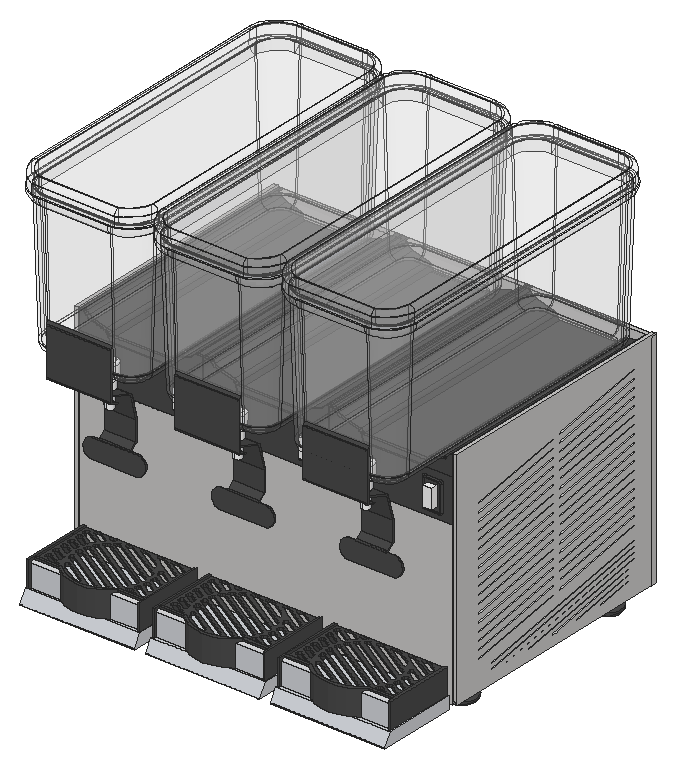
Revit family "QF_Vollrath-VBBD3-37T", category Specialty Equipment, Revit 2018 (continued)
Forms (in)
  Extrusion 47, solid, material "QF_Finishes-Black Plastic"
    sketch origin (7.0638, 0, 0) x (1, 0, 0) y (0, 1, 0)
      loop
        line (-2.79695, -3.78809) -> (-2.00078, -4.2751)
        arc (-2.00078, -4.2751) -> (-1.92526, -4.28682) -> (-1.86377, -4.24142) r 0.09931
        line (-1.86377, -4.24142) -> (-1.8143, -4.16136)
        arc (-1.8143, -4.16136) -> (-1.80095, -4.08604) -> (-1.84557, -4.0239) r 0.09843
        line (-1.84557, -4.0239) -> (-2.69423, -3.50479)
      loop
        arc (-2.69423, -6.15849) -> (-2.79372, -6.1566) -> (-2.84402, -6.24246) r 0.09843
        line (-2.84402, -6.24246) -> (-2.84402, -6.35783)
        arc (-2.84402, -6.35783) -> (-2.83145, -6.40596) -> (-2.79695, -6.4418) r 0.09843
        line (-2.79695, -6.4418) -> (-2.18491, -6.81617) -> (-1.91188, -6.81617)
        arc (-1.91188, -6.81617) -> (-1.85587, -6.7319) -> (-1.9031, -6.64241) r 0.09904
        line (-1.9031, -6.64241) -> (-2.69423, -6.15849)
      loop
        line (-2.39494, -3.50325) -> (-1.73202, -3.90876)
        arc (-1.73202, -3.90876) -> (-1.66637, -3.92218) -> (-1.60735, -3.89047) r 0.09841
        line (-1.60735, -3.89047) -> (-1.54093, -3.82001)
        arc (-1.54093, -3.82001) -> (-1.51481, -3.73924) -> (-1.5609, -3.66795) r 0.09896
        line (-1.5609, -3.66795) -> (-2.18752, -3.28465)
        arc (-2.18752, -3.28465) -> (-2.235, -3.26983) -> (-2.28367, -3.28012) r 0.09843
        line (-2.28367, -3.28012) -> (-2.38686, -3.33173)
        arc (-2.38686, -3.33173) -> (-2.44114, -3.41512) -> (-2.39494, -3.50325) r 0.09843
      loop
        arc (-1.47591, -3.32087) -> (-1.57065, -3.39261) -> (-1.52727, -3.50325) r 0.09843
        line (-1.52727, -3.50325) -> (-1.3826, -3.59175)
        arc (-1.3826, -3.59175) -> (-1.32707, -3.60613) -> (-1.27295, -3.58713) r 0.09847
        line (-1.27295, -3.58713) -> (-1.18803, -3.52827)
        arc (-1.18803, -3.52827) -> (-1.14526, -3.44427) -> (-1.19182, -3.36231) r 0.09944
        line (-1.19182, -3.36231) -> (-1.23593, -3.33533)
        arc (-1.23593, -3.33533) -> (-1.26061, -3.32455) -> (-1.28729, -3.32087) r 0.09843
        line (-1.28729, -3.32087) -> (-1.47591, -3.32087)
      loop
        arc (2.16593, -4.35471) -> (2.05008, -4.36433) -> (2.02423, -4.47767) r 0.09841
        line (2.02423, -4.47767) -> (2.08147, -4.62318)
        arc (2.08147, -4.62318) -> (2.09769, -4.65241) -> (2.12281, -4.67447) r 0.09781
        line (2.12281, -4.67447) -> (2.73454, -5.04866)
        arc (2.73454, -5.04866) -> (2.83403, -5.05055) -> (2.88433, -4.9647) r 0.09843
        line (2.88433, -4.9647) -> (2.88433, -4.84932)
        arc (2.88433, -4.84932) -> (2.87176, -4.80119) -> (2.83726, -4.76535) r 0.09843
        line (2.83726, -4.76535) -> (2.16593, -4.35471)
      loop
        arc (2.33855, -4.99104) -> (2.23397, -4.99219) -> (2.18943, -5.08682) r 0.09845
        line (2.18943, -5.08682) -> (2.20051, -5.20384)
        arc (2.20051, -5.20384) -> (2.21442, -5.2483) -> (2.24726, -5.28133) r 0.09819
        line (2.24726, -5.28133) -> (2.73454, -5.5794)
        arc (2.73454, -5.5794) -> (2.83403, -5.58129) -> (2.88433, -5.49544) r 0.09843
        line (2.88433, -5.49544) -> (2.88433, -5.38006)
        arc (2.88433, -5.38006) -> (2.87176, -5.33193) -> (2.83726, -5.29609) r 0.09843
        line (2.83726, -5.29609) -> (2.33855, -4.99104)
      loop
        arc (2.34021, -5.5228) -> (2.24688, -5.51781) -> (2.19158, -5.59315) r 0.09828
        line (2.19158, -5.59315) -> (2.17713, -5.69751)
        arc (2.17713, -5.69751) -> (2.18485, -5.75432) -> (2.22293, -5.79719) r 0.09843
        line (2.22293, -5.79719) -> (2.73454, -6.11014)
        arc (2.73454, -6.11014) -> (2.83403, -6.11203) -> (2.88433, -6.02618) r 0.09843
        line (2.88433, -6.02618) -> (2.88433, -5.9108)
        arc (2.88433, -5.9108) -> (2.87176, -5.86267) -> (2.83726, -5.82683) r 0.09843
        line (2.83726, -5.82683) -> (2.34021, -5.5228)
      loop
        arc (2.2366, -5.99016) -> (2.15157, -5.98163) -> (2.09192, -6.04283) r 0.09842
        line (2.09192, -6.04283) -> (2.05934, -6.13333)
        arc (2.05934, -6.13333) -> (2.05873, -6.20007) -> (2.09985, -6.25265) r 0.1011
        line (2.09985, -6.25265) -> (2.73454, -6.64088)
        arc (2.73454, -6.64088) -> (2.83403, -6.64277) -> (2.88433, -6.55692) r 0.09843
        line (2.88433, -6.55692) -> (2.88433, -6.44154)
        arc (2.88433, -6.44154) -> (2.87176, -6.39341) -> (2.83726, -6.35758) r 0.09843
        line (2.83726, -6.35758) -> (2.2366, -5.99016)
      loop
        arc (2.04906, -6.40618) -> (1.97544, -6.39427) -> (1.91458, -6.43738) r 0.09845
        line (1.91458, -6.43738) -> (1.86362, -6.52146)
        arc (1.86362, -6.52146) -> (1.85022, -6.5966) -> (1.89492, -6.65847) r 0.09775
        line (1.89492, -6.65847) -> (2.15566, -6.81617) -> (2.42228, -6.81617)
        arc (2.42228, -6.81617) -> (2.48182, -6.73326) -> (2.43526, -6.64241) r 0.09794
        line (2.43526, -6.64241) -> (2.04906, -6.40618)
    from 2.28346 to 2.40157
  Extrusion 48, solid, material "QF_Finishes-Stainless"
    sketch origin (14.16375, 0, 0) x (0, 1, 0) y (0, 0, -1)
      loop
        arc (10.7576, -0.80737) -> (10.73165, -0.74473) -> (10.66901, -0.71878) r 0.08858
        line (10.66901, -0.71878) -> (-3.18504, -0.71878)
        arc (-3.18504, -0.71878) -> (-3.24768, -0.74473) -> (-3.27362, -0.80737) r 0.08858
        line (-3.27362, -0.80737) -> (-3.27362, -13.35433) -> (10.7576, -13.35433) -> (10.7576, -0.80737)
      loop
        line (8.85098, -1.60553) -> (6.83124, -1.2494) -> (6.81928, -1.31723)
        arc (6.81928, -1.31723) -> (6.84907, -1.34077) -> (6.88486, -1.3534) r 0.11572
        line (6.88486, -1.3534) -> (8.76503, -1.68493)
        arc (8.76503, -1.68493) -> (8.80299, -1.6853) -> (8.83902, -1.67336) r 0.11572
        line (8.83902, -1.67336) -> (8.85098, -1.60553)
      loop
        line (8.85098, -1.90536) -> (5.13082, -1.2494) -> (5.11886, -1.31723)
        arc (5.11886, -1.31723) -> (5.14864, -1.34077) -> (5.18444, -1.3534) r 0.11572
        line (5.18444, -1.3534) -> (8.76503, -1.98476)
        arc (8.76503, -1.98476) -> (8.80299, -1.98513) -> (8.83902, -1.97319) r 0.11572
        line (8.83902, -1.97319) -> (8.85098, -1.90536)
      loop
        line (8.85098, -2.20519) -> (3.43039, -1.2494) -> (3.41843, -1.31723)
        arc (3.41843, -1.31723) -> (3.44822, -1.34077) -> (3.48402, -1.3534) r 0.11572
        line (3.48402, -1.3534) -> (8.76503, -2.28459)
        arc (8.76503, -2.28459) -> (8.80299, -2.28496) -> (8.83902, -2.27302) r 0.11572
        line (8.83902, -2.27302) -> (8.85098, -2.20519)
      loop
        line (9.32147, -2.58798) -> (1.72997, -1.2494) -> (1.71792, -1.31773)
        arc (1.71792, -1.31773) -> (1.7477, -1.34127) -> (1.7835, -1.3539) r 0.11572
        line (1.7835, -1.3539) -> (9.23542, -2.66788)
        arc (9.23542, -2.66788) -> (9.27338, -2.66825) -> (9.30942, -2.65631) r 0.11572
        line (9.30942, -2.65631) -> (9.32147, -2.58798)
      loop
        line (9.32147, -2.88782) -> (0.02955, -1.2494) -> (0.0175, -1.31773)
        arc (0.0175, -1.31773) -> (0.04728, -1.34127) -> (0.08308, -1.3539) r 0.11572
        line (0.08308, -1.3539) -> (9.23542, -2.96771)
        arc (9.23542, -2.96771) -> (9.27338, -2.96808) -> (9.30942, -2.95614) r 0.11572
        line (9.30942, -2.95614) -> (9.32147, -2.88782)
      loop
        line (9.32147, -3.18765) -> (-0.85632, -1.39303) -> (-0.86836, -1.46136)
        arc (-0.86836, -1.46136) -> (-0.83858, -1.4849) -> (-0.80278, -1.49753) r 0.11572
        line (-0.80278, -1.49753) -> (9.23542, -3.26754)
        arc (9.23542, -3.26754) -> (9.27338, -3.26791) -> (9.30942, -3.25598) r 0.11572
        line (9.30942, -3.25598) -> (9.32147, -3.18765)
      loop
        line (9.32147, -3.48748) -> (-0.85632, -1.69286) -> (-0.86836, -1.76119)
        arc (-0.86836, -1.76119) -> (-0.83858, -1.78473) -> (-0.80278, -1.79736) r 0.11572
        line (-0.80278, -1.79736) -> (9.23542, -3.56737)
        arc (9.23542, -3.56737) -> (9.27338, -3.56774) -> (9.30942, -3.55581) r 0.11572
        line (9.30942, -3.55581) -> (9.32147, -3.48748)
      loop
        line (9.32185, -4.22424) -> (3.9704, -3.28063) -> (3.94984, -3.39722)
        arc (3.94984, -3.39722) -> (3.97963, -3.42076) -> (4.01542, -3.4334) r 0.11572
        line (4.01542, -3.4334) -> (9.22729, -4.35239)
        arc (9.22729, -4.35239) -> (9.26526, -4.35276) -> (9.30129, -4.34083) r 0.11572
        line (9.30129, -4.34083) -> (9.32185, -4.22424)
      loop
        line (3.58682, -3.213) -> (-1.76463, -2.26939) -> (-1.78519, -2.38598)
        arc (-1.78519, -2.38598) -> (-1.75541, -2.40952) -> (-1.71961, -2.42215) r 0.11572
        line (-1.71961, -2.42215) -> (3.49226, -3.34115)
        arc (3.49226, -3.34115) -> (3.53022, -3.34152) -> (3.56626, -3.32958) r 0.11572
        line (3.56626, -3.32958) -> (3.58682, -3.213)
      loop
        line (9.32185, -4.68766) -> (3.9704, -3.74406) -> (3.94984, -3.86065)
        arc (3.94984, -3.86065) -> (3.97963, -3.88419) -> (4.01542, -3.89682) r 0.11572
        line (4.01542, -3.89682) -> (9.22729, -4.81581)
        arc (9.22729, -4.81581) -> (9.26526, -4.81619) -> (9.30129, -4.80425) r 0.11572
        line (9.30129, -4.80425) -> (9.32185, -4.68766)
      loop
        line (3.58682, -3.67642) -> (-1.76463, -2.73282) -> (-1.78519, -2.8494)
        arc (-1.78519, -2.8494) -> (-1.75541, -2.87294) -> (-1.71961, -2.88558) r 0.11572
        line (-1.71961, -2.88558) -> (3.49226, -3.80457)
        arc (3.49226, -3.80457) -> (3.53022, -3.80494) -> (3.56626, -3.79301) r 0.11572
        line (3.56626, -3.79301) -> (3.58682, -3.67642)
      loop
        line (9.32185, -5.15109) -> (3.9704, -4.20748) -> (3.94984, -4.32407)
        arc (3.94984, -4.32407) -> (3.97963, -4.34761) -> (4.01542, -4.36025) r 0.11572
        line (4.01542, -4.36025) -> (9.22729, -5.27924)
        arc (9.22729, -5.27924) -> (9.26526, -5.27961) -> (9.30129, -5.26768) r 0.11572
        line (9.30129, -5.26768) -> (9.32185, -5.15109)
      loop
        line (3.58682, -4.13985) -> (-1.76463, -3.19624) -> (-1.78519, -3.31283)
        arc (-1.78519, -3.31283) -> (-1.75541, -3.33637) -> (-1.71961, -3.34901) r 0.11572
        line (-1.71961, -3.34901) -> (3.49226, -4.268)
        arc (3.49226, -4.268) -> (3.53022, -4.26837) -> (3.56626, -4.25644) r 0.11572
        line (3.56626, -4.25644) -> (3.58682, -4.13985)
      loop
        line (9.32185, -5.61451) -> (3.9704, -4.67091) -> (3.94984, -4.7875)
        arc (3.94984, -4.7875) -> (3.97963, -4.81104) -> (4.01542, -4.82367) r 0.11572
        line (4.01542, -4.82367) -> (9.22729, -5.74267)
        arc (9.22729, -5.74267) -> (9.26526, -5.74304) -> (9.30129, -5.7311) r 0.11572
        line (9.30129, -5.7311) -> (9.32185, -5.61451)
      loop
        line (3.58682, -4.60327) -> (-1.76463, -3.65967) -> (-1.78519, -3.77626)
        arc (-1.78519, -3.77626) -> (-1.75541, -3.7998) -> (-1.71961, -3.81243) r 0.11572
        line (-1.71961, -3.81243) -> (3.49226, -4.73142)
        arc (3.49226, -4.73142) -> (3.53022, -4.73179) -> (3.56626, -4.71986) r 0.11572
        line (3.56626, -4.71986) -> (3.58682, -4.60327)
      loop
        line (9.32185, -6.07794) -> (3.9704, -5.13434) -> (3.94984, -5.25092)
        arc (3.94984, -5.25092) -> (3.97963, -5.27446) -> (4.01542, -5.2871) r 0.11572
        line (4.01542, -5.2871) -> (9.22729, -6.20609)
        arc (9.22729, -6.20609) -> (9.26526, -6.20646) -> (9.30129, -6.19453) r 0.11572
        line (9.30129, -6.19453) -> (9.32185, -6.07794)
      loop
        line (3.58682, -5.0667) -> (-1.76463, -4.12309) -> (-1.78519, -4.23968)
        arc (-1.78519, -4.23968) -> (-1.75541, -4.26322) -> (-1.71961, -4.27586) r 0.11572
        line (-1.71961, -4.27586) -> (3.49226, -5.19485)
        arc (3.49226, -5.19485) -> (3.53022, -5.19522) -> (3.56626, -5.18329) r 0.11572
        line (3.56626, -5.18329) -> (3.58682, -5.0667)
      loop
        line (9.32185, -6.54137) -> (3.9704, -5.59776) -> (3.94984, -5.71435)
        arc (3.94984, -5.71435) -> (3.97963, -5.73789) -> (4.01542, -5.75052) r 0.11572
        line (4.01542, -5.75052) -> (9.22729, -6.66952)
        arc (9.22729, -6.66952) -> (9.26526, -6.66989) -> (9.30129, -6.65795) r 0.11572
        line (9.30129, -6.65795) -> (9.32185, -6.54137)
      loop
        line (3.58682, -5.53012) -> (-1.76463, -4.58652) -> (-1.78519, -4.70311)
        arc (-1.78519, -4.70311) -> (-1.75541, -4.72665) -> (-1.71961, -4.73928) r 0.11572
        line (-1.71961, -4.73928) -> (3.49226, -5.65827)
        arc (3.49226, -5.65827) -> (3.53022, -5.65864) -> (3.56626, -5.64671) r 0.11572
        line (3.56626, -5.64671) -> (3.58682, -5.53012)
      loop
        line (9.32185, -7.00479) -> (3.9704, -6.06119) -> (3.94984, -6.17777)
        arc (3.94984, -6.17777) -> (3.97963, -6.20131) -> (4.01542, -6.21395) r 0.11572
        line (4.01542, -6.21395) -> (9.22729, -7.13294)
        arc (9.22729, -7.13294) -> (9.26526, -7.13331) -> (9.30129, -7.12138) r 0.11572
        line (9.30129, -7.12138) -> (9.32185, -7.00479)
      loop
        line (3.58682, -5.99355) -> (-1.76463, -5.04994) -> (-1.78519, -5.16653)
        arc (-1.78519, -5.16653) -> (-1.75541, -5.19007) -> (-1.71961, -5.20271) r 0.11572
        line (-1.71961, -5.20271) -> (3.49226, -6.1217)
        arc (3.49226, -6.1217) -> (3.53022, -6.12207) -> (3.56626, -6.11014) r 0.11572
        line (3.56626, -6.11014) -> (3.58682, -5.99355)
      loop
        line (9.32185, -7.46822) -> (3.9704, -6.52461) -> (3.94984, -6.6412)
        arc (3.94984, -6.6412) -> (3.97963, -6.66474) -> (4.01542, -6.67737) r 0.11572
        line (4.01542, -6.67737) -> (9.22729, -7.59637)
        arc (9.22729, -7.59637) -> (9.26526, -7.59674) -> (9.30129, -7.5848) r 0.11572
        line (9.30129, -7.5848) -> (9.32185, -7.46822)
      loop
        line (3.58682, -6.45697) -> (-1.76463, -5.51337) -> (-1.78519, -5.62996)
        arc (-1.78519, -5.62996) -> (-1.75541, -5.6535) -> (-1.71961, -5.66613) r 0.11572
        line (-1.71961, -5.66613) -> (3.49226, -6.58512)
        arc (3.49226, -6.58512) -> (3.53022, -6.5855) -> (3.56626, -6.57356) r 0.11572
        line (3.56626, -6.57356) -> (3.58682, -6.45697)
      loop
        line (9.32185, -7.93164) -> (3.9704, -6.98804) -> (3.94984, -7.10462)
        arc (3.94984, -7.10462) -> (3.97963, -7.12816) -> (4.01542, -7.1408) r 0.11572
        line (4.01542, -7.1408) -> (9.22729, -8.05979)
        arc (9.22729, -8.05979) -> (9.26526, -8.06016) -> (9.30129, -8.04823) r 0.11572
        line (9.30129, -8.04823) -> (9.32185, -7.93164)
      loop
        line (3.58682, -6.9204) -> (-1.76463, -5.97679) -> (-1.78519, -6.09338)
        arc (-1.78519, -6.09338) -> (-1.75541, -6.11692) -> (-1.71961, -6.12956) r 0.11572
        line (-1.71961, -6.12956) -> (3.49226, -7.04855)
        arc (3.49226, -7.04855) -> (3.53022, -7.04892) -> (3.56626, -7.03699) r 0.11572
        line (3.56626, -7.03699) -> (3.58682, -6.9204)
      loop
        line (9.32185, -8.39507) -> (3.9704, -7.45146) -> (3.94984, -7.56805)
        arc (3.94984, -7.56805) -> (3.97963, -7.59159) -> (4.01542, -7.60422) r 0.11572
        line (4.01542, -7.60422) -> (9.22729, -8.52322)
        arc (9.22729, -8.52322) -> (9.26526, -8.52359) -> (9.30129, -8.51165) r 0.11572
        line (9.30129, -8.51165) -> (9.32185, -8.39507)
      loop
        line (3.58682, -7.38382) -> (-1.76463, -6.44022) -> (-1.78519, -6.55681)
        arc (-1.78519, -6.55681) -> (-1.75541, -6.58035) -> (-1.71961, -6.59298) r 0.11572
        line (-1.71961, -6.59298) -> (3.49226, -7.51198)
        arc (3.49226, -7.51198) -> (3.53022, -7.51235) -> (3.56626, -7.50041) r 0.11572
        line (3.56626, -7.50041) -> (3.58682, -7.38382)
      loop
        line (9.32185, -8.85849) -> (3.9704, -7.91489) -> (3.94984, -8.03147)
        arc (3.94984, -8.03147) -> (3.97963, -8.05501) -> (4.01542, -8.06765) r 0.11572
        line (4.01542, -8.06765) -> (9.22729, -8.98664)
        arc (9.22729, -8.98664) -> (9.26526, -8.98701) -> (9.30129, -8.97508) r 0.11572
        line (9.30129, -8.97508) -> (9.32185, -8.85849)
      loop
        line (3.58682, -7.84725) -> (-1.76463, -6.90364) -> (-1.78519, -7.02023)
        arc (-1.78519, -7.02023) -> (-1.75541, -7.04377) -> (-1.71961, -7.05641) r 0.11572
        line (-1.71961, -7.05641) -> (3.49226, -7.9754)
        arc (3.49226, -7.9754) -> (3.53022, -7.97577) -> (3.56626, -7.96384) r 0.11572
        line (3.56626, -7.96384) -> (3.58682, -7.84725)
      loop
        line (9.32185, -9.32192) -> (3.9704, -8.37831) -> (3.94984, -8.4949)
        arc (3.94984, -8.4949) -> (3.97963, -8.51844) -> (4.01542, -8.53107) r 0.11572
        line (4.01542, -8.53107) -> (9.22729, -9.45007)
        arc (9.22729, -9.45007) -> (9.26526, -9.45044) -> (9.30129, -9.4385) r 0.11572
        line (9.30129, -9.4385) -> (9.32185, -9.32192)
      loop
        line (3.58682, -8.31068) -> (-1.76463, -7.36707) -> (-1.78519, -7.48366)
        arc (-1.78519, -7.48366) -> (-1.75541, -7.5072) -> (-1.71961, -7.51983) r 0.11572
        line (-1.71961, -7.51983) -> (3.49226, -8.43883)
        arc (3.49226, -8.43883) -> (3.53022, -8.4392) -> (3.56626, -8.42726) r 0.11572
        line (3.56626, -8.42726) -> (3.58682, -8.31068)
      loop
        line (9.32185, -9.78534) -> (3.9704, -8.84174) -> (3.94984, -8.95832)
        arc (3.94984, -8.95832) -> (3.97963, -8.98186) -> (4.01542, -8.9945) r 0.11572
        line (4.01542, -8.9945) -> (9.22729, -9.91349)
        arc (9.22729, -9.91349) -> (9.26526, -9.91386) -> (9.30129, -9.90193) r 0.11572
        line (9.30129, -9.90193) -> (9.32185, -9.78534)
      loop
        line (3.58682, -8.7741) -> (-1.76463, -7.8305) -> (-1.78519, -7.94708)
        arc (-1.78519, -7.94708) -> (-1.75541, -7.97062) -> (-1.71961, -7.98326) r 0.11572
        line (-1.71961, -7.98326) -> (3.49226, -8.90225)
        arc (3.49226, -8.90225) -> (3.53022, -8.90262) -> (3.56626, -8.89069) r 0.11572
        line (3.56626, -8.89069) -> (3.58682, -8.7741)
      loop
        line (9.32185, -10.24877) -> (3.9704, -9.30516) -> (3.94984, -9.42175)
        arc (3.94984, -9.42175) -> (3.97963, -9.44529) -> (4.01542, -9.45792) r 0.11572
        line (4.01542, -9.45792) -> (9.22729, -10.37692)
        arc (9.22729, -10.37692) -> (9.26526, -10.37729) -> (9.30129, -10.36535) r 0.11572
        line (9.30129, -10.36535) -> (9.32185, -10.24877)
      loop
        line (3.58682, -9.23753) -> (-1.76463, -8.29392) -> (-1.78519, -8.41051)
        arc (-1.78519, -8.41051) -> (-1.75541, -8.43405) -> (-1.71961, -8.44668) r 0.11572
        line (-1.71961, -8.44668) -> (3.49226, -9.36568)
        arc (3.49226, -9.36568) -> (3.53022, -9.36605) -> (3.56626, -9.35411) r 0.11572
        line (3.56626, -9.35411) -> (3.58682, -9.23753)
      loop
        line (9.32185, -10.71219) -> (3.9704, -9.76859) -> (3.94984, -9.88517)
        arc (3.94984, -9.88517) -> (3.97963, -9.90871) -> (4.01542, -9.92135) r 0.11572
        line (4.01542, -9.92135) -> (9.22729, -10.84034)
        arc (9.22729, -10.84034) -> (9.26526, -10.84071) -> (9.30129, -10.82878) r 0.11572
        line (9.30129, -10.82878) -> (9.32185, -10.71219)
      loop
        line (3.58682, -9.70095) -> (-1.76463, -8.75735) -> (-1.78519, -8.87393)
        arc (-1.78519, -8.87393) -> (-1.75541, -8.89747) -> (-1.71961, -8.91011) r 0.11572
        line (-1.71961, -8.91011) -> (3.49226, -9.8291)
        arc (3.49226, -9.8291) -> (3.53022, -9.82947) -> (3.56626, -9.81754) r 0.11572
        line (3.56626, -9.81754) -> (3.58682, -9.70095)
      loop
        line (9.32185, -11.17562) -> (3.9704, -10.23201) -> (3.94984, -10.3486)
        arc (3.94984, -10.3486) -> (3.97963, -10.37214) -> (4.01542, -10.38477) r 0.11572
        line (4.01542, -10.38477) -> (9.22729, -11.30377)
        arc (9.22729, -11.30377) -> (9.26526, -11.30414) -> (9.30129, -11.2922) r 0.11572
        line (9.30129, -11.2922) -> (9.32185, -11.17562)
      loop
        line (3.58682, -10.16438) -> (-1.76463, -9.22077) -> (-1.78519, -9.33736)
        arc (-1.78519, -9.33736) -> (-1.75541, -9.3609) -> (-1.71961, -9.37353) r 0.11572
        line (-1.71961, -9.37353) -> (3.49226, -10.29253)
        arc (3.49226, -10.29253) -> (3.53022, -10.2929) -> (3.56626, -10.28096) r 0.11572
        line (3.56626, -10.28096) -> (3.58682, -10.16438)
      loop
        line (9.32185, -11.63904) -> (3.9704, -10.69544) -> (3.94984, -10.81202)
        arc (3.94984, -10.81202) -> (3.97963, -10.83556) -> (4.01542, -10.8482) r 0.11572
        line (4.01542, -10.8482) -> (9.22729, -11.76719)
        arc (9.22729, -11.76719) -> (9.26526, -11.76756) -> (9.30129, -11.75563) r 0.11572
        line (9.30129, -11.75563) -> (9.32185, -11.63904)
      loop
        line (3.58682, -10.6278) -> (-1.76463, -9.6842) -> (-1.78519, -9.80078)
        arc (-1.78519, -9.80078) -> (-1.75541, -9.82432) -> (-1.71961, -9.83696) r 0.11572
        line (-1.71961, -9.83696) -> (3.49226, -10.75595)
        arc (3.49226, -10.75595) -> (3.53022, -10.75632) -> (3.56626, -10.74439) r 0.11572
        line (3.56626, -10.74439) -> (3.58682, -10.6278)
      loop
        line (9.32185, -12.10307) -> (3.9704, -11.15947) -> (3.94984, -11.27605)
        arc (3.94984, -11.27605) -> (3.97963, -11.29959) -> (4.01542, -11.31223) r 0.11572
        line (4.01542, -11.31223) -> (9.22729, -12.23122)
        arc (9.22729, -12.23122) -> (9.26526, -12.23159) -> (9.30129, -12.21966) r 0.11572
        line (9.30129, -12.21966) -> (9.32185, -12.10307)
      loop
        line (3.58682, -11.09183) -> (-1.76463, -10.14822) -> (-1.78519, -10.26481)
        arc (-1.78519, -10.26481) -> (-1.75541, -10.28835) -> (-1.71961, -10.30099) r 0.11572
        line (-1.71961, -10.30099) -> (3.49226, -11.21998)
        arc (3.49226, -11.21998) -> (3.53022, -11.22035) -> (3.56626, -11.20842) r 0.11572
        line (3.56626, -11.20842) -> (3.58682, -11.09183)
    from -3.6675 to -3.46457
  Extrusion 49, solid
    sketch origin (7.06271, 0, 0) x (0, 1, 0) y (0, 0, 1)
      loop
        arc (-6.9626, 2.40157) -> (-7.08882, 2.37471) -> (-7.18008, 2.28346) r 0.22732
        line (-7.18008, 2.28346) -> (-7.18008, 1.03543) -> (-6.9626, 1.03543) -> (-6.9626, 2.40157)
    from -3.05071 to -1.36292
  Sweep 50, solid, material "QF_Finishes-Black Plastic"
    path origin (0.00669, 0, 0) x (1, 0, 0) y (0, 0, 1)
      loop
        arc (-2.90354, 10.17079) -> (-2.88625, 10.12903) -> (-2.84449, 10.11173) r 0.05906
        line (-2.84449, 10.11173) -> (-1.99803, 10.11173)
        arc (-1.99803, 10.11173) -> (-1.95627, 10.12903) -> (-1.93898, 10.17079) r 0.05906
        line (-1.93898, 10.17079) -> (-1.93898, 11.63929)
        arc (-1.93898, 11.63929) -> (-1.95627, 11.68105) -> (-1.99803, 11.69835) r 0.05906
        line (-1.99803, 11.69835) -> (-2.84449, 11.69835)
        arc (-2.84449, 11.69835) -> (-2.88625, 11.68105) -> (-2.90354, 11.63929) r 0.05906
        line (-2.90354, 11.63929) -> (-2.90354, 10.17079)
    profile origin (-2.89685, 0, 10.90504) x (-1, 0, 0) y (0, -1, 0)
      loop
        arc (0.09489, 3.27803) -> (0.04169, 3.30166) -> (0.01972, 3.35557) r 0.0779
        arc (0.01972, 3.35557) -> (0.01127, 3.3726) -> (-0.00738, 3.37633) r 0.02157
        line (-0.00738, 3.37633) -> (-0.00738, 3.27803) -> (0.09489, 3.27803)
  Extrusion 51, solid, material "QF_Finishes-White Rubber"
    sketch origin (0.00669, 0, 0) x (1, 0, 0) y (0, 0, 1)
      loop
        line (-2.66535, 10.3637) -> (-2.17717, 10.3637) -> (-2.17717, 11.44638) -> (-2.66535, 11.44638) -> (-2.66535, 10.3637)
    from 3.27362 to 3.65598
  Extrusion 52, solid, material "QF_Finishes-Black Plastic"
    sketch origin (14.12542, 0, 0) x (1, 0, 0) y (0, 1, 0)
      loop
        line (3.18945, -3.12402) -> (-3.14914, -3.12402) -> (-3.14914, -7.27756) -> (-3.05071, -7.27756) -> (-3.05071, -6.9626) -> (-1.68325, -6.9626)
        arc (-1.68325, -6.9626) -> (-1.65302, -6.96863) -> (-1.62741, -6.98581) r 0.07879
        arc (-1.62741, -6.98581) -> (0.01907, -7.67007) -> (1.66554, -6.98581) r 2.323
        arc (1.66554, -6.98581) -> (1.69232, -6.96862) -> (1.72357, -6.9626) r 0.08414
        line (1.72357, -6.9626) -> (3.09102, -6.9626) -> (3.09102, -7.27756) -> (3.18945, -7.27756) -> (3.18945, -3.12402)
      loop
        line (-3.05071, -3.19488) -> (-3.05071, -6.8248) -> (-1.68325, -6.8248)
        arc (-1.68325, -6.8248) -> (-1.60014, -6.84139) -> (-1.52977, -6.88862) r 0.21647
        arc (-1.52977, -6.88862) -> (0.02, -7.53304) -> (1.56978, -6.88862) r 2.18576
        arc (1.56978, -6.88862) -> (1.64015, -6.84139) -> (1.72326, -6.8248) r 0.21647
        line (1.72326, -6.8248) -> (3.09102, -6.8248) -> (3.09102, -3.19488) -> (-3.05071, -3.19488)
    from 1.03543 to 2.48031
  Extrusion 53, solid
    sketch origin (14.12542, 0, 0) x (0, 1, 0) y (0, 0, 1)
      loop
        line (-3.27362, 1.03543) -> (-7.3563, 1.03543) -> (-7.75, 0.3937) -> (-7.75, 0.35433) -> (-3.27362, 0.35433) -> (-3.27362, 1.03543)
    from -3.17717 to 3.27868
  Extrusion 54, solid
    sketch origin (14.12542, 0, 0) x (0, 1, 0) y (0, 0, -1)
      loop
        line (-6.9626, -2.40157) -> (-6.9626, -1.03543) -> (-7.18008, -1.03543) -> (-7.18008, -2.28346)
        arc (-7.18008, -2.28346) -> (-7.08882, -2.37471) -> (-6.9626, -2.40157) r 0.22732
    from -3.09102 to -1.40314
  Extrusion 55, solid, material "QF_Finishes-Black Plastic"
    sketch origin (14.12651, 0, 0) x (1, 0, 0) y (0, 1, 0)
      loop
        line (-3.05071, -6.8248) -> (-1.68325, -6.8248)
        arc (-1.68325, -6.8248) -> (-1.60014, -6.84139) -> (-1.52977, -6.88862) r 0.21647
        arc (-1.52977, -6.88862) -> (0.02, -7.53304) -> (1.56978, -6.88862) r 2.18576
        arc (1.56978, -6.88862) -> (1.64015, -6.84139) -> (1.72326, -6.8248) r 0.21647
        line (1.72326, -6.8248) -> (3.09102, -6.8248) -> (3.09102, -3.19488) -> (-3.05071, -3.19488) -> (-3.05071, -6.8248)
      loop
        line (1.99999, -5.31469) -> (-0.85274, -3.56972)
        arc (-0.85274, -3.56972) -> (-0.90143, -3.55568) -> (-0.95047, -3.56848) r 0.09564
        line (-0.95047, -3.56848) -> (-1.05079, -3.62641)
        arc (-1.05079, -3.62641) -> (-1.09797, -3.71056) -> (-1.05079, -3.79471) r 0.09865
        line (-1.05079, -3.79471) -> (1.89113, -5.59424)
        arc (1.89113, -5.59424) -> (1.98696, -5.59808) -> (2.04057, -5.51856) r 0.09843
        line (2.04057, -5.51856) -> (2.04706, -5.40253)
        arc (2.04706, -5.40253) -> (2.03544, -5.35223) -> (1.99999, -5.31469) r 0.09857
      loop
        line (1.92869, -5.80182) -> (-1.25519, -3.85429)
        arc (-1.25519, -3.85429) -> (-1.31546, -3.84407) -> (-1.37003, -3.87162) r 0.09782
        line (-1.37003, -3.87162) -> (-1.44371, -3.9453)
        arc (-1.44371, -3.9453) -> (-1.47148, -4.02385) -> (-1.42783, -4.09482) r 0.09665
        line (-1.42783, -4.09482) -> (1.79158, -6.06408)
        arc (1.79158, -6.06408) -> (1.8762, -6.07294) -> (1.93593, -6.01235) r 0.09812
        line (1.93593, -6.01235) -> (1.96819, -5.91075)
        arc (1.96819, -5.91075) -> (1.96695, -5.84957) -> (1.92869, -5.80182) r 0.09507
      loop
        line (1.74837, -6.22226) -> (-1.54753, -4.20621)
        arc (-1.54753, -4.20621) -> (-1.61887, -4.19636) -> (-1.67693, -4.23897) r 0.09584
        line (-1.67693, -4.23897) -> (-1.73108, -4.32679)
        arc (-1.73108, -4.32679) -> (-1.743, -4.39877) -> (-1.70104, -4.45845) r 0.09631
        line (-1.70104, -4.45845) -> (1.59739, -6.47604)
        arc (1.59739, -6.47604) -> (1.66914, -6.48577) -> (1.72723, -6.44255) r 0.09587
        line (1.72723, -6.44255) -> (1.78078, -6.35401)
        arc (1.78078, -6.35401) -> (1.79129, -6.28157) -> (1.74837, -6.22226) r 0.09741
      loop
        line (1.48132, -6.58966) -> (-1.74811, -4.61427)
        arc (-1.74811, -4.61427) -> (-1.83177, -4.60731) -> (-1.88979, -4.66798) r 0.09744
        line (-1.88979, -4.66798) -> (-1.92257, -4.76761)
        arc (-1.92257, -4.76761) -> (-1.92194, -4.82904) -> (-1.88395, -4.87732) r 0.0953
        line (-1.88395, -4.87732) -> (1.30511, -6.82801)
        arc (1.30511, -6.82801) -> (1.36581, -6.8405) -> (1.42146, -6.81321) r 0.09579
        line (1.42146, -6.81321) -> (1.49519, -6.73948)
        arc (1.49519, -6.73948) -> (1.52341, -6.66132) -> (1.48132, -6.58966) r 0.09779
      loop
        line (1.10757, -6.89177) -> (-1.84914, -5.0832)
        arc (-1.84914, -5.0832) -> (-1.94458, -5.07917) -> (-1.99846, -5.15805) r 0.0984
        line (-1.99846, -5.15805) -> (-2.00593, -5.27264)
        arc (-2.00593, -5.27264) -> (-1.99506, -5.32396) -> (-1.95906, -5.3621) r 0.09696
        line (-1.95906, -5.3621) -> (0.91264, -7.11867)
        arc (0.91264, -7.11867) -> (0.96072, -7.13194) -> (1.0088, -7.11867) r 0.09375
        line (1.0088, -7.11867) -> (1.10757, -7.05966)
        arc (1.10757, -7.05966) -> (1.15463, -6.97572) -> (1.10757, -6.89177) r 0.0984
      loop
        line (0.60863, -7.11732) -> (-1.82264, -5.63015)
        arc (-1.82264, -5.63015) -> (-1.92999, -5.63329) -> (-1.97033, -5.73281) r 0.09825
        line (-1.97033, -5.73281) -> (-1.93774, -5.87396)
        arc (-1.93774, -5.87396) -> (-1.92175, -5.90738) -> (-1.89442, -5.93238) r 0.09714
        line (-1.89442, -5.93238) -> (0.37225, -7.31886)
        arc (0.37225, -7.31886) -> (0.40695, -7.33252) -> (0.44421, -7.33107) r 0.09073
        line (0.44421, -7.33107) -> (0.58467, -7.29582)
        arc (0.58467, -7.29582) -> (0.65482, -7.21438) -> (0.60863, -7.11732) r 0.09843
      loop
        line (-0.15644, -7.18008) -> (-1.53008, -6.33984)
        arc (-1.53008, -6.33984) -> (-1.65245, -6.35562) -> (-1.66332, -6.47852) r 0.09845
        line (-1.66332, -6.47852) -> (-1.474, -6.72028) -> (-0.52036, -7.30361) -> (-0.21942, -7.36177)
        arc (-0.21942, -7.36177) -> (-0.1148, -7.29628) -> (-0.15644, -7.18008) r 0.09842
      loop
        line (1.92796, -4.73989) -> (-0.30697, -3.37282)
        arc (-0.30697, -3.37282) -> (-0.34079, -3.3598) -> (-0.37704, -3.35963) r 0.10043
        line (-0.37704, -3.35963) -> (-0.52004, -3.39377)
        arc (-0.52004, -3.39377) -> (-0.59167, -3.47506) -> (-0.54547, -3.57306) r 0.09865
        line (-0.54547, -3.57306) -> (1.85831, -5.04342)
        arc (1.85831, -5.04342) -> (1.96624, -5.03999) -> (2.00606, -4.93962) r 0.09842
        line (2.00606, -4.93962) -> (1.97137, -4.79716)
        arc (1.97137, -4.79716) -> (1.95507, -4.76442) -> (1.92796, -4.73989) r 0.09857
      loop
        line (1.46531, -3.92615) -> (0.62845, -3.41426)
        arc (0.62845, -3.41426) -> (0.46776, -3.37153) -> (0.30428, -3.34114) r 2.18615
        arc (0.30428, -3.34114) -> (0.19761, -3.4051) -> (0.23921, -3.5223) r 0.09818
        line (0.23921, -3.5223) -> (1.54679, -4.32213)
        arc (1.54679, -4.32213) -> (1.66978, -4.30502) -> (1.67799, -4.18113) r 0.09835
        arc (1.67799, -4.18113) -> (1.57664, -4.04948) -> (1.46531, -3.92615) r 2.12561
      loop
        line (2.83911, -4.23574) -> (1.36588, -3.33459)
        arc (1.36588, -3.33459) -> (1.34175, -3.32427) -> (1.31572, -3.32087) r 0.09593
        arc (1.31572, -3.32087) -> (1.27881, -3.321) -> (1.2419, -3.32087) r 5.03614
        arc (1.2419, -3.32087) -> (1.14687, -3.39171) -> (1.18925, -3.5024) r 0.0982
        arc (1.18925, -3.5024) -> (1.38493, -3.6409) -> (1.56306, -3.80134) r 2.04444
        line (1.56306, -3.80134) -> (2.73642, -4.51906)
        arc (2.73642, -4.51906) -> (2.8353, -4.51983) -> (2.88433, -4.43395) r 0.09782
        arc (2.88433, -4.43395) -> (2.88401, -4.37627) -> (2.88433, -4.31858) r 5.14481
        arc (2.88433, -4.31858) -> (2.87254, -4.27125) -> (2.83911, -4.23574) r 0.0965
      loop
        line (2.83639, -3.70334) -> (2.23231, -3.33383)
        arc (2.23231, -3.33383) -> (2.21027, -3.32439) -> (2.18655, -3.32087) r 0.09339
        line (2.18655, -3.32087) -> (1.99477, -3.32087)
        arc (1.99477, -3.32087) -> (1.89988, -3.39257) -> (1.94341, -3.50325) r 0.09837
        line (1.94341, -3.50325) -> (2.73528, -3.98763)
        arc (2.73528, -3.98763) -> (2.83413, -3.98931) -> (2.88433, -3.90415) r 0.09818
        arc (2.88433, -3.90415) -> (2.88448, -3.84599) -> (2.88433, -3.78784) r 11.3571
        arc (2.88433, -3.78784) -> (2.87139, -3.73933) -> (2.83639, -3.70334) r 0.09933
      loop
        arc (-2.69423, -5.62775) -> (-2.79372, -5.62586) -> (-2.84402, -5.71171) r 0.09843
        line (-2.84402, -5.71171) -> (-2.84402, -5.82709)
        arc (-2.84402, -5.82709) -> (-2.83145, -5.87522) -> (-2.79695, -5.91106) r 0.09843
        line (-2.79695, -5.91106) -> (-2.13741, -6.31449)
        arc (-2.13741, -6.31449) -> (-2.02317, -6.30683) -> (-1.99384, -6.19615) r 0.09819
        line (-1.99384, -6.19615) -> (-2.04986, -6.04886)
        arc (-2.04986, -6.04886) -> (-2.066, -6.01898) -> (-2.09144, -5.99647) r 0.09728
        line (-2.09144, -5.99647) -> (-2.69423, -5.62775)
      loop
        arc (-2.69423, -5.09701) -> (-2.79372, -5.09512) -> (-2.84402, -5.18097) r 0.09843
        line (-2.84402, -5.18097) -> (-2.84402, -5.29635)
        arc (-2.84402, -5.29635) -> (-2.83145, -5.34448) -> (-2.79695, -5.38032) r 0.09843
        line (-2.79695, -5.38032) -> (-2.30078, -5.68381)
        arc (-2.30078, -5.68381) -> (-2.19664, -5.68292) -> (-2.1516, -5.58901) r 0.09843
        line (-2.1516, -5.58901) -> (-2.16128, -5.47226)
        arc (-2.16128, -5.47226) -> (-2.17523, -5.42752) -> (-2.20826, -5.39428) r 0.09865
        line (-2.20826, -5.39428) -> (-2.69423, -5.09701)
      loop
        arc (-2.69423, -4.56627) -> (-2.79372, -4.56438) -> (-2.84402, -4.65023) r 0.09843
        line (-2.84402, -4.65023) -> (-2.84402, -4.76561)
        arc (-2.84402, -4.76561) -> (-2.83145, -4.81374) -> (-2.79695, -4.84958) r 0.09843
        line (-2.79695, -4.84958) -> (-2.29775, -5.15493)
        arc (-2.29775, -5.15493) -> (-2.20358, -5.15958) -> (-2.14873, -5.0829) r 0.09839
        line (-2.14873, -5.0829) -> (-2.13391, -4.98165)
        arc (-2.13391, -4.98165) -> (-2.14196, -4.92467) -> (-2.17954, -4.8811) r 0.10209
        line (-2.17954, -4.8811) -> (-2.69423, -4.56627)
      loop
        arc (-2.69423, -4.03555) -> (-2.79372, -4.03365) -> (-2.84402, -4.11951) r 0.09843
        line (-2.84402, -4.11951) -> (-2.84402, -4.23489)
        arc (-2.84402, -4.23489) -> (-2.83145, -4.28301) -> (-2.79695, -4.31885) r 0.09843
        line (-2.79695, -4.31885) -> (-2.19054, -4.68978)
        arc (-2.19054, -4.68978) -> (-2.10586, -4.69843) -> (-2.0461, -4.63781) r 0.09843
        line (-2.0461, -4.63781) -> (-2.01311, -4.5476)
        arc (-2.01311, -4.5476) -> (-2.01108, -4.48046) -> (-2.05286, -4.42787) r 0.09777
        line (-2.05286, -4.42787) -> (-2.69423, -4.03555)
      loop
        arc (-2.69423, -3.50479) -> (-2.79372, -3.5029) -> (-2.84402, -3.58875) r 0.09843
        line (-2.84402, -3.58875) -> (-2.84402, -3.70413)
        arc (-2.84402, -3.70413) -> (-2.83145, -3.75226) -> (-2.79695, -3.78809) r 0.09843
        line (-2.79695, -3.78809) -> (-2.00078, -4.2751)
        arc (-2.00078, -4.2751) -> (-1.92526, -4.28682) -> (-1.86377, -4.24142) r 0.09931
        line (-1.86377, -4.24142) -> (-1.8143, -4.16136)
        arc (-1.8143, -4.16136) -> (-1.80095, -4.08604) -> (-1.84557, -4.0239) r 0.09843
        line (-1.84557, -4.0239) -> (-2.69423, -3.50479)
      loop
        arc (-2.69423, -6.15849) -> (-2.79372, -6.1566) -> (-2.84402, -6.24246) r 0.09843
        line (-2.84402, -6.24246) -> (-2.84402, -6.35783)
        arc (-2.84402, -6.35783) -> (-2.83145, -6.40596) -> (-2.79695, -6.4418) r 0.09843
        line (-2.79695, -6.4418) -> (-2.18491, -6.81617) -> (-1.91188, -6.81617)
        arc (-1.91188, -6.81617) -> (-1.85587, -6.7319) -> (-1.9031, -6.64241) r 0.09904
        line (-1.9031, -6.64241) -> (-2.69423, -6.15849)
      loop
        line (-2.39494, -3.50325) -> (-1.73202, -3.90876)
        arc (-1.73202, -3.90876) -> (-1.66637, -3.92218) -> (-1.60735, -3.89047) r 0.09841
        line (-1.60735, -3.89047) -> (-1.54093, -3.82001)
        arc (-1.54093, -3.82001) -> (-1.51481, -3.73924) -> (-1.5609, -3.66795) r 0.09896
        line (-1.5609, -3.66795) -> (-2.18752, -3.28465)
        arc (-2.18752, -3.28465) -> (-2.235, -3.26983) -> (-2.28367, -3.28012) r 0.09843
        line (-2.28367, -3.28012) -> (-2.38686, -3.33173)
        arc (-2.38686, -3.33173) -> (-2.44114, -3.41512) -> (-2.39494, -3.50325) r 0.09843
      loop
        arc (-1.47591, -3.32087) -> (-1.57065, -3.39261) -> (-1.52727, -3.50325) r 0.09843
        line (-1.52727, -3.50325) -> (-1.3826, -3.59175)
        arc (-1.3826, -3.59175) -> (-1.32707, -3.60613) -> (-1.27295, -3.58713) r 0.09847
        line (-1.27295, -3.58713) -> (-1.18803, -3.52827)
        arc (-1.18803, -3.52827) -> (-1.14526, -3.44427) -> (-1.19182, -3.36231) r 0.09944
        line (-1.19182, -3.36231) -> (-1.23593, -3.33533)
        arc (-1.23593, -3.33533) -> (-1.26061, -3.32455) -> (-1.28729, -3.32087) r 0.09843
        line (-1.28729, -3.32087) -> (-1.47591, -3.32087)
      loop
        arc (2.16593, -4.35471) -> (2.05008, -4.36433) -> (2.02423, -4.47767) r 0.09841
        line (2.02423, -4.47767) -> (2.08147, -4.62318)
        arc (2.08147, -4.62318) -> (2.09769, -4.65241) -> (2.12281, -4.67447) r 0.09781
        line (2.12281, -4.67447) -> (2.73454, -5.04866)
        arc (2.73454, -5.04866) -> (2.83403, -5.05055) -> (2.88433, -4.9647) r 0.09843
        line (2.88433, -4.9647) -> (2.88433, -4.84932)
        arc (2.88433, -4.84932) -> (2.87176, -4.80119) -> (2.83726, -4.76535) r 0.09843
        line (2.83726, -4.76535) -> (2.16593, -4.35471)
      loop
        arc (2.33855, -4.99104) -> (2.23397, -4.99219) -> (2.18943, -5.08682) r 0.09845
        line (2.18943, -5.08682) -> (2.20051, -5.20384)
        arc (2.20051, -5.20384) -> (2.21442, -5.2483) -> (2.24726, -5.28133) r 0.09819
        line (2.24726, -5.28133) -> (2.73454, -5.5794)
        arc (2.73454, -5.5794) -> (2.83403, -5.58129) -> (2.88433, -5.49544) r 0.09843
        line (2.88433, -5.49544) -> (2.88433, -5.38006)
        arc (2.88433, -5.38006) -> (2.87176, -5.33193) -> (2.83726, -5.29609) r 0.09843
        line (2.83726, -5.29609) -> (2.33855, -4.99104)
      loop
        arc (2.34021, -5.5228) -> (2.24688, -5.51781) -> (2.19158, -5.59315) r 0.09828
        line (2.19158, -5.59315) -> (2.17713, -5.69751)
        arc (2.17713, -5.69751) -> (2.18485, -5.75432) -> (2.22293, -5.79719) r 0.09843
        line (2.22293, -5.79719) -> (2.73454, -6.11014)
        arc (2.73454, -6.11014) -> (2.83403, -6.11203) -> (2.88433, -6.02618) r 0.09843
        line (2.88433, -6.02618) -> (2.88433, -5.9108)
        arc (2.88433, -5.9108) -> (2.87176, -5.86267) -> (2.83726, -5.82683) r 0.09843
        line (2.83726, -5.82683) -> (2.34021, -5.5228)
      loop
        arc (2.2366, -5.99016) -> (2.15157, -5.98163) -> (2.09192, -6.04283) r 0.09842
        line (2.09192, -6.04283) -> (2.05934, -6.13333)
        arc (2.05934, -6.13333) -> (2.05873, -6.20007) -> (2.09985, -6.25265) r 0.1011
        line (2.09985, -6.25265) -> (2.73454, -6.64088)
        arc (2.73454, -6.64088) -> (2.83403, -6.64277) -> (2.88433, -6.55692) r 0.09843
        line (2.88433, -6.55692) -> (2.88433, -6.44154)
        arc (2.88433, -6.44154) -> (2.87176, -6.39341) -> (2.83726, -6.35758) r 0.09843
        line (2.83726, -6.35758) -> (2.2366, -5.99016)
      loop
        arc (2.04906, -6.40618) -> (1.97544, -6.39427) -> (1.91458, -6.43738) r 0.09845
        line (1.91458, -6.43738) -> (1.86362, -6.52146)
        arc (1.86362, -6.52146) -> (1.85022, -6.5966) -> (1.89492, -6.65847) r 0.09775
        line (1.89492, -6.65847) -> (2.15566, -6.81617) -> (2.42228, -6.81617)
        arc (2.42228, -6.81617) -> (2.48182, -6.73326) -> (2.43526, -6.64241) r 0.09794
        line (2.43526, -6.64241) -> (2.04906, -6.40618)
    from 2.28346 to 2.40157
  Extrusion 56, solid
    sketch origin (14.12542, 0, 0) x (0, 1, 0) y (0, 0, 1)
      loop
        arc (-6.9626, 2.40157) -> (-7.08882, 2.37471) -> (-7.18008, 2.28346) r 0.22732
        line (-7.18008, 2.28346) -> (-7.18008, 1.03543) -> (-6.9626, 1.03543) -> (-6.9626, 2.40157)
    from -3.05071 to -1.36292
  Sweep 57, solid, material "QF_Finishes-Clear Plastic"
    path origin (14.31571, 3.74664, -1.59015) x (1, 0, 0) y (0, 1, 0)
      loop
        line (-2.2551, -11.10622) -> (2.2551, -11.10622)
        arc (2.2551, -11.10622) -> (2.85564, -10.64462) -> (3.17382, -9.95724) r 1.58698
        line (3.17382, -9.95724) -> (3.17382, 5.36453)
        arc (3.17382, 5.36453) -> (2.71278, 6.17327) -> (1.84782, 6.51746) r 1.40778
        line (1.84782, 6.51746) -> (-1.84782, 6.51746)
        arc (-1.84782, 6.51746) -> (-2.71161, 6.17429) -> (-3.17326, 5.36758) r 1.40778
        line (-3.17326, 5.36758) -> (-3.17326, -9.96011)
        arc (-3.17326, -9.96011) -> (-2.85472, -10.64576) -> (-2.2551, -11.10622) r 1.58698
    profile origin (14.31571, -7.35958, -1.59015) x (0, 1, 0) y (0, 0, 1)
      loop
        line (-0.39475, 22.88102) -> (-0.01824, 22.88102) -> (-0.01824, 23.6765)
        arc (-0.01824, 23.6765) -> (-0.26993, 23.6729) -> (-0.39475, 23.45431) r 0.25381
        line (-0.39475, 23.45431) -> (-0.39475, 22.88102)
  Extrusion 58, solid, material "QF_Finishes-Clear Plastic"
    sketch origin (14.31639, 3.7403, -2.36291) x (1, 0, 0) y (0, 1, 0)
      loop
        line (-2.15049, -11.11812) -> (2.25892, -11.11812)
        arc (2.25892, -11.11812) -> (2.86473, -10.65608) -> (3.18926, -9.96676) r 1.60522
        line (3.18926, -9.96676) -> (3.18926, 5.42563)
        arc (3.18926, 5.42563) -> (2.86227, 6.21505) -> (2.07284, 6.54204) r 1.11642
        line (2.07284, 6.54204) -> (-2.09748, 6.54204)
        arc (-2.09748, 6.54204) -> (-2.80722, 6.28665) -> (-3.1915, 5.63759) r 1.11388
        line (-3.1915, 5.63759) -> (-3.1915, -9.95554)
        arc (-3.1915, -9.95554) -> (-2.83451, -10.68325) -> (-2.15049, -11.11812) r 1.49663
    from 24.42674 to 24.46291
  Extrusion 59, solid, material "QF_Finishes-Black Plastic"
    sketch origin (14.07832, 0, 0) x (1, 0, 0) y (0, 0, 1)
      loop
        arc (-3.06893, 13.19444) -> (-3.1372, 13.24812) -> (-3.22192, 13.26725) r 0.19715
        line (-3.22192, 13.26725) -> (-3.42469, 13.26725) -> (-3.42469, 9.73814) -> (3.55, 9.73814) -> (3.55, 13.26725) -> (3.49357, 13.26725)
        arc (3.49357, 13.26725) -> (3.42756, 13.25587) -> (3.36917, 13.22304) r 0.19715
        arc (3.36917, 13.22304) -> (3.33142, 13.14138) -> (3.27571, 13.07076) r 0.3838
        arc (3.27571, 13.07076) -> (3.1435, 12.96931) -> (2.98955, 12.90554) r 0.63833
        line (2.98955, 12.90554) -> (2.23641, 12.70374)
        arc (2.23641, 12.70374) -> (2.12033, 12.63647) -> (2.05382, 12.51995) r 0.2576
        line (2.05382, 12.51995) -> (-1.58365, 12.51995)
        arc (-1.58365, 12.51995) -> (-1.65138, 12.62653) -> (-1.76163, 12.68812) r 0.2576
        line (-1.76163, 12.68812) -> (-2.71887, 12.94461)
        arc (-2.71887, 12.94461) -> (-2.87282, 13.00838) -> (-3.00502, 13.10982) r 0.63833
        arc (-3.00502, 13.10982) -> (-3.04103, 13.1514) -> (-3.07072, 13.1977) r 0.3838
    from 3.12402 to 3.27362
  Extrusion 60, solid, material "QF_Finishes-Black Plastic"
    sketch origin (14.03594, -0.69203, -0.67436) x (0, 1, 0) y (0, 0, 1)
      loop
        arc (-6.7126, 12.77975) -> (-6.69637, 12.72827) -> (-6.65354, 12.69541) r 0.08975
        line (-6.65354, 12.69541) -> (-6.24829, 12.54791) -> (-6.22809, 12.6034) -> (-6.65354, 12.75825) -> (-6.65354, 15.43542) -> (-6.55627, 15.57434) -> (-6.585, 15.63626) -> (-6.69836, 15.47437)
        arc (-6.69836, 15.47437) -> (-6.70895, 15.45289) -> (-6.7126, 15.42921) r 0.07874
        line (-6.7126, 15.42921) -> (-6.7126, 12.77975)
    from -1.53543 to 2.09496
  Revolve 61, solid, material "QF_Finishes-White Rubber"
    sketch origin (14.33133, -0.00627, -0.98853) x (0, 1, 0) y (0, 0, 1)
      loop
        line (-5.26181, 11.35591) -> (-5.26181, 13.7196) -> (-5.58313, 13.7196)
        arc (-5.58313, 13.7196) -> (-5.66215, 13.68687) -> (-5.69488, 13.60785) r 0.11175
        line (-5.69488, 13.60785) -> (-5.6749, 12.85346) -> (-5.57506, 12.85346) -> (-5.57506, 12.36572) -> (-5.49364, 12.33608) -> (-5.49364, 11.35591) -> (-5.26181, 11.35591)
      axis (-5.26181, 11.35591) -> (-5.26181, 13.7196)
    angle from 0 to 360
  Extrusion 62, solid, material "QF_Finishes-Black Plastic"
    sketch origin (14.32352, 0.05623, -0.98853) x (0, 1, 0) y (0, 0, 1)
      loop
        line (-4.89794, 12.05642) -> (-4.5209, 10.64927) -> (-4.5209, 9.50735) -> (-4.87524, 9.24034)
        arc (-4.87524, 9.24034) -> (-4.89988, 9.20972) -> (-4.90703, 9.17106) r 0.08027
        line (-4.90703, 9.17106) -> (-4.84806, 9.16797) -> (-4.83447, 9.19711) -> (-4.4932, 9.45428)
        arc (-4.4932, 9.45428) -> (-4.47012, 9.48203) -> (-4.46184, 9.51717) r 0.07874
        line (-4.46184, 9.51717) -> (-4.46184, 10.65704) -> (-4.8302, 12.03176)
        arc (-4.8302, 12.03176) -> (-4.86865, 12.09212) -> (-4.92901, 12.13057) r 0.16532
        line (-4.92901, 12.13057) -> (-6.9898, 12.88064) -> (-7.01, 12.82515) -> (-4.89794, 12.05642)
    from -0.87952 to 0.8668
  Extrusion 63, solid, material "QF_Finishes-Black Plastic"
    sketch origin (14.31571, -0.40114, -1.21779) x (1, 0, 0) y (0, 0.052336, 0.99863)
      loop
        line (-1.23031, 8.07021) -> (1.23031, 8.07021)
        arc (1.23031, 8.07021) -> (1.77091, 8.61081) -> (1.23031, 9.1514) r 0.5406
        line (1.23031, 9.1514) -> (-1.23031, 9.1514)
        arc (-1.23031, 9.1514) -> (-1.77091, 8.61081) -> (-1.23031, 8.07021) r 0.5406
    from 4.87511 to 4.93413
  Sweep 64, solid, material "QF_Finishes-Clear Plastic"
    path origin (14.31571, 0, 0) x (1, 0, 0) y (0, 1, 0)
      loop
        arc (-2.3069, -6.00035) -> (-2.17234, -6.32521) -> (-1.84748, -6.45977) r 0.45942
        line (-1.84748, -6.45977) -> (1.84782, -6.45977)
        arc (1.84782, -6.45977) -> (2.17447, -6.32446) -> (2.30977, -5.99781) r 0.46195
        line (2.30977, -5.99781) -> (2.30977, 9.13206)
        arc (2.30977, 9.13206) -> (2.17447, 9.45871) -> (1.84782, 9.59402) r 0.46195
        line (1.84782, 9.59402) -> (-1.84748, 9.59402)
        arc (-1.84748, 9.59402) -> (-2.17234, 9.45946) -> (-2.3069, 9.1346) r 0.45942
        line (-2.3069, 9.1346) -> (-2.3069, -6.00035)
    profile origin (12.00881, 1.56713, 0) x (-1, 0, 0) y (0, 0, 1)
      loop
        line (1.00727, 21.24909) -> (0.86945, 21.24909) -> (0.60808, 13.43579)
        arc (0.60808, 13.43579) -> (0.48758, 13.16469) -> (0.21238, 13.05386) r 0.39514
        line (0.21238, 13.05386) -> (0.22508, 12.90709)
        arc (0.22508, 12.90709) -> (0.59013, 13.08301) -> (0.74651, 13.45684) r 0.57097
        line (0.74651, 13.45684) -> (1.00727, 21.24909)
  Extrusion 65, solid, material "QF_Finishes-Black Plastic"
    sketch origin (14.08474, 0, -0.6875) x (1, 0, 0) y (0, 0, 1)
      loop
        arc (-3.07536, 13.88194) -> (-3.14363, 13.93562) -> (-3.22835, 13.95475) r 0.19715
        line (-3.22835, 13.95475) -> (-3.43112, 13.95475) -> (-3.43112, 12.85346) -> (3.54331, 12.85346) -> (3.54331, 13.95475) -> (3.48715, 13.95475)
        arc (3.48715, 13.95475) -> (3.42114, 13.94337) -> (3.36274, 13.91054) r 0.19715
        arc (3.36274, 13.91054) -> (3.325, 13.82888) -> (3.26928, 13.75826) r 0.3838
        arc (3.26928, 13.75826) -> (3.13708, 13.65681) -> (2.98312, 13.59304) r 0.63833
        line (2.98312, 13.59304) -> (2.22998, 13.39124)
        arc (2.22998, 13.39124) -> (2.1139, 13.32397) -> (2.04739, 13.20745) r 0.2576
        line (2.04739, 13.20745) -> (1.99464, 12.90825) -> (-1.51709, 12.90825) -> (-1.58429, 13.18714)
        arc (-1.58429, 13.18714) -> (-1.65028, 13.30662) -> (-1.76806, 13.37562) r 0.2576
        line (-1.76806, 13.37562) -> (-2.72529, 13.63211)
        arc (-2.72529, 13.63211) -> (-2.87925, 13.69588) -> (-3.01145, 13.79732) r 0.63833
        arc (-3.01145, 13.79732) -> (-3.04746, 13.8389) -> (-3.07715, 13.8852) r 0.3838
    from -10.7576 to 3.27362
  Sweep 66, solid, material "QF_Finishes-Clear Plastic"
    path origin (14.31571, 0, 0) x (1, 0, 0) y (0, 1, 0)
      loop
        line (1.97575, 9.86597) -> (-1.98, 9.86597)
        arc (-1.98, 9.86597) -> (-2.54709, 9.63108) -> (-2.78198, 9.064) r 0.80197
        line (-2.78198, 9.064) -> (-2.78198, -6.12347)
        arc (-2.78198, -6.12347) -> (-2.53304, -6.72445) -> (-1.93206, -6.97339) r 0.84992
        line (-1.93206, -6.97339) -> (1.91929, -6.97339)
        arc (1.91929, -6.97339) -> (2.53134, -6.71987) -> (2.78485, -6.10782) r 0.86556
        line (2.78485, -6.10782) -> (2.78485, 9.05687)
        arc (2.78485, 9.05687) -> (2.54787, 9.62899) -> (1.97575, 9.86597) r 0.8091
    profile origin (14.31358, 9.86597, 0) x (0, -1, 0) y (0, 0, 1)
      loop
        line (-0.42938, 20.63713) -> (-0.42938, 21.24909) -> (-0.79275, 21.24909)
        arc (-0.79275, 21.24909) -> (-0.70652, 20.88644) -> (-0.42938, 20.63713) r 0.62589
  Sweep 67, solid, material "QF_Finishes-Black Plastic"
    path origin (14.07832, 0, 0) x (1, 0, 0) y (0, 0, 1)
      loop
        arc (-2.90354, 10.17079) -> (-2.88625, 10.12903) -> (-2.84449, 10.11173) r 0.05906
        line (-2.84449, 10.11173) -> (-1.99803, 10.11173)
        arc (-1.99803, 10.11173) -> (-1.95627, 10.12903) -> (-1.93898, 10.17079) r 0.05906
        line (-1.93898, 10.17079) -> (-1.93898, 11.63929)
        arc (-1.93898, 11.63929) -> (-1.95627, 11.68105) -> (-1.99803, 11.69835) r 0.05906
        line (-1.99803, 11.69835) -> (-2.84449, 11.69835)
        arc (-2.84449, 11.69835) -> (-2.88625, 11.68105) -> (-2.90354, 11.63929) r 0.05906
        line (-2.90354, 11.63929) -> (-2.90354, 10.17079)
    profile origin (11.17477, 0, 10.90504) x (-1, 0, 0) y (0, -1, 0)
      loop
        arc (0.09489, 3.27803) -> (0.04169, 3.30166) -> (0.01972, 3.35557) r 0.0779
        arc (0.01972, 3.35557) -> (0.01127, 3.3726) -> (-0.00738, 3.37633) r 0.02157
        line (-0.00738, 3.37633) -> (-0.00738, 3.27803) -> (0.09489, 3.27803)
  Sweep 68, solid, material "QF_Finishes-Black Plastic"
    path origin (14.07832, 0, 0) x (-1, 0, 0) y (0, 0, 1)
      loop
        arc (-2.90354, 10.17079) -> (-2.88625, 10.12903) -> (-2.84449, 10.11173) r 0.05906
        line (-2.84449, 10.11173) -> (-1.99803, 10.11173)
        arc (-1.99803, 10.11173) -> (-1.95627, 10.12903) -> (-1.93898, 10.17079) r 0.05906
        line (-1.93898, 10.17079) -> (-1.93898, 11.63929)
        arc (-1.93898, 11.63929) -> (-1.95627, 11.68105) -> (-1.99803, 11.69835) r 0.05906
        line (-1.99803, 11.69835) -> (-2.84449, 11.69835)
        arc (-2.84449, 11.69835) -> (-2.88625, 11.68105) -> (-2.90354, 11.63929) r 0.05906
        line (-2.90354, 11.63929) -> (-2.90354, 10.17079)
    profile origin (16.98186, 0, 10.90504) x (-1, 0, 0) y (0, -1, 0)
      loop
        line (-0.09489, 3.27803) -> (0.00738, 3.27803) -> (0.00738, 3.37633)
        arc (0.00738, 3.37633) -> (-0.01127, 3.3726) -> (-0.01972, 3.35557) r 0.02157
        arc (-0.01972, 3.35557) -> (-0.04169, 3.30166) -> (-0.09489, 3.27803) r 0.0779
  Extrusion 69, solid, material "QF_Finishes-White Rubber"
    sketch origin (14.07832, 0, 0) x (1, 0, 0) y (0, 0, 1)
      loop
        line (-2.66535, 10.3637) -> (-2.17717, 10.3637) -> (-2.17717, 11.44638) -> (-2.66535, 11.44638) -> (-2.66535, 10.3637)
    from 3.27362 to 3.65598
  Extrusion 70, solid, material "QF_Finishes-White Rubber"
    sketch origin (14.07832, 0, 0) x (-1, 0, 0) y (0, 0, -1)
      loop
        line (-2.66535, -10.3637) -> (-2.66535, -11.44638) -> (-2.17717, -11.44638) -> (-2.17717, -10.3637) -> (-2.66535, -10.3637)
    from 3.27362 to 3.65598
  Extrusion 71, solid, material "QF_Finishes-Clear Plastic"
    sketch origin (14.31639, 0, 0) x (1, 0, 0) y (0, 1, 0)
      loop
        line (-2.51928, 9.1346) -> (-2.51928, -6.00035)
        arc (-2.51928, -6.00035) -> (-2.32251, -6.47538) -> (-1.84748, -6.67215) r 0.6718
        line (-1.84748, -6.67215) -> (1.84782, -6.67215)
        arc (1.84782, -6.67215) -> (2.32464, -6.47464) -> (2.52215, -5.99781) r 0.67433
        line (2.52215, -5.99781) -> (2.52215, 9.13206)
        arc (2.52215, 9.13206) -> (2.32464, 9.60889) -> (1.84782, 9.8064) r 0.67433
        line (1.84782, 9.8064) -> (-1.84748, 9.8064)
        arc (-1.84748, 9.8064) -> (-2.32251, 9.60963) -> (-2.51928, 9.1346) r 0.6718
    from 12.90709 to 13.05386
Lines and regions (in)
  symbolic lines, style "Clearance - Code Mandatory"
    curve 1: line (-9.675, 16.875, 0) -> (-9.675, -7.75, 0)
    curve 2: line (23.8325, 16.875, 0) -> (-9.675, 16.875, 0)
    curve 3: line (23.8325, -7.75, 0) -> (23.8325, 16.875, 0)
    curve 4: line (-9.675, -7.75, 0) -> (-3.6675, -7.75, 0)
    curve 5: line (-3.6675, 10.7576, 0) -> (17.83125, 10.7576, 0)
    curve 7: line (-3.6675, -7.75, 0) -> (-3.6675, 10.7576, 0)
    curve 10: line (23.8325, -7.75, 0) -> (23.8325, 10.7576, 0)
    curve 11: line (17.83125, -7.75, 0) -> (23.8325, -7.75, 0)
    curve 12: line (17.83125, 10.7576, 0) -> (17.83125, -7.75, 0)
  symbolic lines
    curve 6: line (3.645, 9.16153, 0) -> (3.645, -6.26307, 0)
    curve 13: arc (3.64129, -6.12347, 0) -> (4.12241, -7.28501, 0) -> (5.28396, -7.76614, 0) r 1.64267
    curve 14: line (3.64129, 9.064, 0) -> (3.64129, -6.12347, 0)
    curve 15: line (5.28396, -7.76614, 0) -> (9.1353, -7.76614, 0)
    curve 16: arc (9.1353, -7.76614, 0) -> (10.30791, -7.28043, 0) -> (10.79362, -6.10782, 0) r 1.65832
    curve 17: line (10.79362, -6.10782, 0) -> (10.79362, 9.05687, 0)
    curve 18: arc (1.88804, -7.76614, 0) -> (3.06064, -7.28043, 0) -> (3.54635, -6.10782, 0) r 1.65832
    curve 19: line (-1.96331, -7.76614, 0) -> (1.88804, -7.76614, 0)
    curve 20: arc (5.23601, 10.65873, 0) -> (4.10837, 10.19164, 0) -> (3.64129, 9.064, 0) r 1.59473
    curve 21: line (9.19177, 10.65873, 0) -> (5.23601, 10.65873, 0)
    curve 22: arc (10.79362, 9.05687, 0) -> (10.32445, 10.18955, 0) -> (9.19177, 10.65873, 0) r 1.60185
    curve 23: arc (-3.60598, -6.12347, 0) -> (-3.12485, -7.28501, 0) -> (-1.96331, -7.76614, 0) r 1.64267
    curve 24: line (3.54635, -6.10782, 0) -> (3.54635, 9.08178, 0)
    curve 25: arc (-1.8868, 10.65885, 0) -> (-3.01274, 10.20931, 0) -> (-3.59926, 9.14826, 0) r 1.80252
    curve 26: line (-3.59926, 9.14826, 0) -> (-3.59926, -6.24981, 0)
    curve 27: line (1.8243, 10.65885, 0) -> (-1.8868, 10.65885, 0)
    curve 28: arc (3.54635, 9.08178, 0) -> (2.97522, 10.18686, 0) -> (1.8243, 10.65885, 0) r 1.80252
